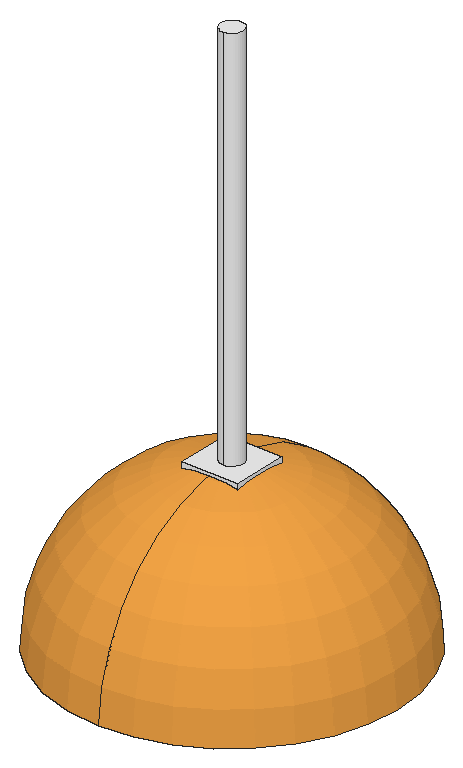
Revit family
Parameters (values of type "Standard")
  Wattage = 100 W
  built-in parameter 1150110 = 1 (stored number, unit not read)
  built-in parameter 1114217 = 1 (stored number, unit not read)
  built-in parameter 1150109 = 1 (stored number, unit not read)
  built-in parameter 1150134 = 4
  built-in parameter 1150113 = 1 (stored number, unit not read)
  Material of Shade = Fabric
  Material of Hanger = Steel
  built-in parameter 1150105 = 381.97 (stored number, unit not read)
  Lumens = 1200 lm
  built-in parameter 1150115 = 1 (stored number, unit not read)
  Light Source Symbol Size = 609.6 mm
  built-in parameter 1150137 = (empty or 0)
  built-in parameter 1150139 = (empty or 0)
  built-in parameter 1150112 = 1 (stored number, unit not read)
  built-in parameter 1150114 = 1 (stored number, unit not read)
  built-in parameter 1150132 = (empty or 0)
  built-in parameter 1150102 = (empty or 0)
  built-in parameter 1150107 = 2800 (stored number, unit not read)
  built-in parameter 1150138 = (empty or 0)
  built-in parameter 1150106 = 3.8197 (stored number, unit not read)
  built-in parameter 1150104 = 1.1148 (stored number, unit not read)
  Dimming Lamp Color Temperature Shift = (empty or 0)
  Depth of Lamp = 1000 mm
  Color Filter = 16777215
  built-in parameter 1114218 = 1 (stored number, unit not read)
  built-in parameter 1150133 = 10 (stored number, unit not read)
Reference planes
  plane 1 "Light Source Axis (F/B)": y = 0
  plane 2: z = 0
  plane 3 "Light Source Axis (L/R)": x = 0
  plane 4 "Ceiling": z = 4000
  plane 5 "Light Source Elevation": z = 3150
  plane 6: z = 3000
  plane 7: z = 3290
  plane 8: x = 300
  plane 9: x = -300
  plane 10: y = -300
Forms (mm)
  Revolve 1, solid, material "Fabric" <- "Material of Shade"
    sketch origin (0, 0, 0) x (0, 1, 0) y (0, 0, 1)
      loop
        line (-300, 3000) -> (-280, 3000)
        arc (-280, 3000) -> (-197.99, 3197.99) -> (0, 3280) r 280
        line (0, 3280) -> (0, 3300)
        arc (0, 3300) -> (-212.132, 3212.132) -> (-300, 3000) r 300
      axis (0, 3000) -> (0, 3300)
    angle from 0 to 360
  Extrusion 2, solid, material "Steel" <- "Material of Hanger"
    sketch origin (0, 0, 4000) x (0, 1, 0) y (-1, 0, 0)
      loop
        line (50, 50) -> (-50, 50) -> (-50, -50) -> (50, -50) -> (50, 50)
    from -710 to -700
  Extrusion 3, solid, material "Steel" <- "Material of Hanger"
    sketch origin (0, 0, 4000) x (0, 1, 0) y (-1, 0, 0)
      loop
        circle (0, 0) r 19.548
    from -700 to 0
Lines and regions (mm)
  sketch lines
    curve 1: line (-2000, 2000, 0) -> (2000, 2000, 0)
    curve 2: line (-2000, 2000, 0) -> (-2000, -2000, 0)
    curve 3: line (-2000, -2000, 0) -> (2000, -2000, 0)
    curve 4: line (2000, 2000, 0) -> (2000, -2000, 0)
  symbolic lines
    curve 5: arc (0, 300, 4000) -> (-300, 0, 4000) -> (0, -300, 4000) r 300
    curve 6: arc (0, -300, 4000) -> (300, 0, 4000) -> (0, 300, 4000) r 300
    curve 7: arc (0, -280, 4000) -> (280, 0, 4000) -> (0, 280, 4000) r 280
    curve 8: arc (0, 280, 4000) -> (-280, 0, 4000) -> (0, -280, 4000) r 280
Dimensions and locks
  equal spacing: curve 2, plane 3 "Light Source Axis (L/R)", curve 4
  equal spacing: curve 3, plane 1 "Light Source Axis (F/B)", curve 1
  curve 2 to curve 4 = 4000 mm
  curve 3 to curve 1 = 4000 mm
  locked: plane 4 "Ceiling" to host ceiling at 0
  "Depth of Lamp": plane 6 to plane 4 "Ceiling"
  locked: Extrusion 2 to Extrusion 2 at 10
  locked: plane 6 to plane 5 "Light Source Elevation" at 150
  locked: plane 6 to plane 7 at 290
  plane 9 to plane 8 = 600 mm
  aligned and locked: plane 7 to Extrusion 2
  aligned and locked: Extrusion 3 to Extrusion 2
  aligned and locked: curve 5 to Revolve 1
  aligned and locked: curve 6 to Revolve 1
  aligned and locked: curve 7 to Revolve 1
  aligned and locked: curve 8 to Revolve 1
  aligned and locked: plane 3 "Light Source Axis (L/R)" to imposter light
  aligned and locked: plane 1 "Light Source Axis (F/B)" to imposter light
  aligned and locked: plane 5 "Light Source Elevation" to imposter light
Automatic sketch dimensions
  Revolve 1 sketch curve to plane 6 = 0 mm
  Revolve 1 sketch curve to plane 10 = 0 mm
  Revolve 1 sketch curve to plane 1 "Light Source Axis (F/B)" = 0 mm  (x2)
  Revolve 1 sketch curve to plane 10 = 20 mm
  plane 6 to Revolve 1 sketch curve = 460 mm
  Revolve 1 sketch curve to plane 4 "Ceiling" = 280 mm
  plane 1 "Light Source Axis (F/B)" to Extrusion 2 sketch curve = 50 mm
  Extrusion 2 sketch curve to plane 1 "Light Source Axis (F/B)" = 50 mm
  plane 3 "Light Source Axis (L/R)" to Extrusion 2 sketch curve = 50 mm
  Extrusion 2 sketch curve to plane 3 "Light Source Axis (L/R)" = 50 mm
  Extrusion 3 sketch curve to plane 1 "Light Source Axis (F/B)" = 0 mm
  Extrusion 3 sketch curve to plane 3 "Light Source Axis (L/R)" = 0 mm
  radius of Extrusion 3 sketch curve = 19.548 mm
